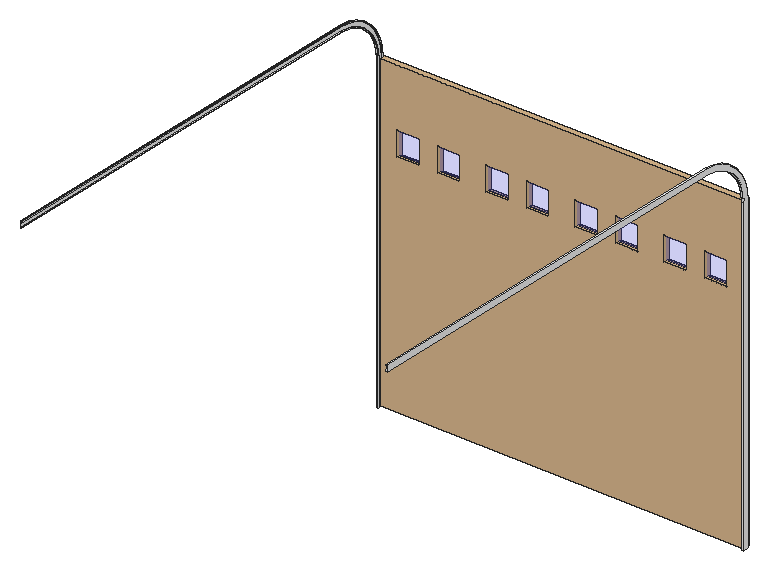
Revit family (continued)
Dimensions and locks (in)
  aligned and locked: curve 416 to Extrusion 1
  aligned and locked: curve 417 to Extrusion 1
  aligned and locked: curve 418 to curve 326
  aligned and locked: curve 419 to curve 330
  aligned and locked: curve 420 to curve 329
  aligned and locked: curve 421 to curve 331
  aligned and locked: curve 422 to curve 332
  aligned and locked: curve 423 to curve 328
  aligned and locked: curve 424 to curve 327
  aligned and locked: curve 425 to curve 333
  aligned and locked: curve 426 to curve 343
  aligned and locked: curve 427 to curve 349
  aligned and locked: curve 428 to curve 348
  aligned and locked: curve 429 to curve 344
  aligned and locked: curve 430 to curve 346
  aligned and locked: curve 431 to curve 342
  aligned and locked: curve 432 to curve 345
  aligned and locked: curve 433 to curve 347
  aligned and locked: curve 434 to curve 310
  aligned and locked: curve 435 to curve 313
  aligned and locked: curve 436 to curve 315
  aligned and locked: curve 437 to curve 314
  aligned and locked: curve 438 to curve 317
  aligned and locked: curve 439 to curve 316
  aligned and locked: curve 440 to curve 312
  aligned and locked: curve 441 to curve 311
  aligned and locked: curve 442 to curve 295
  aligned and locked: curve 443 to curve 296
  aligned and locked: curve 444 to curve 301
  aligned and locked: curve 445 to curve 300
  aligned and locked: curve 446 to curve 299
  aligned and locked: curve 447 to curve 298
  aligned and locked: curve 448 to curve 297
  aligned and locked: curve 449 to curve 294
  aligned and locked: curve 289 to Extrusion 1
  aligned and locked: plane 10 to plane 30
  aligned and locked: level to curve 289
  aligned and locked: Extrusion 1 to plane 33
  aligned and locked: curve 450 to curve 293
  aligned and locked: plane 32 to curve 450
  aligned and locked: plane 37 to curve 453
  aligned and locked: curve 291 to curve 453
  aligned and locked: plane 37 to curve 454
  aligned and locked: plane 32 to curve 457
  aligned and locked: curve 307 to curve 455
  aligned and locked: curve 457 to curve 309
  aligned and locked: plane 32 to curve 460
  aligned and locked: curve 458 to plane 37
  aligned and locked: curve 323 to curve 463
  aligned and locked: curve 462 to plane 37
  aligned and locked: curve 465 to curve 325
  aligned and locked: plane 32 to curve 464
  aligned and locked: curve 461 to curve 339
  aligned and locked: curve 341 to curve 459
  aligned and locked: curve 466 to plane 38
  aligned and locked: curve 470 to plane 38
  aligned and locked: plane 38 to curve 474
  aligned and locked: curve 478 to plane 38
  aligned and locked: curve 32 to curve 481
  aligned and locked: curve 479 to curve 30
  aligned and locked: curve 24 to curve 477
  aligned and locked: curve 475 to curve 22
  aligned and locked: curve 471 to curve 14
  aligned and locked: curve 16 to curve 473
  aligned and locked: curve 467 to curve 6
  aligned and locked: curve 8 to curve 469
  aligned and locked: plane 39 to curve 468
  aligned and locked: plane 39 to curve 472
  aligned and locked: curve 476 to plane 39
  aligned and locked: plane 39 to curve 480
  aligned and locked: curve 498 to curve 479
  aligned and locked: curve 499 to curve 480
  aligned and locked: curve 500 to curve 481
  aligned and locked: curve 501 to curve 478
  aligned and locked: curve 502 to curve 477
  aligned and locked: curve 503 to curve 474
  aligned and locked: curve 504 to curve 475
  aligned and locked: curve 505 to curve 476
  aligned and locked: curve 506 to curve 470
  aligned and locked: curve 507 to curve 471
  aligned and locked: curve 508 to curve 472
  aligned and locked: curve 509 to curve 473
  aligned and locked: curve 510 to curve 466
  aligned and locked: curve 511 to curve 467
  aligned and locked: curve 512 to curve 468
  aligned and locked: curve 513 to curve 469
  aligned and locked: curve 514 to curve 462
  aligned and locked: curve 515 to curve 465
  aligned and locked: curve 516 to curve 464
  aligned and locked: curve 517 to curve 463
  aligned and locked: curve 518 to curve 458
  aligned and locked: curve 519 to curve 461
  aligned and locked: curve 520 to curve 460
  aligned and locked: curve 521 to curve 459
  aligned and locked: curve 522 to curve 455
  aligned and locked: curve 523 to curve 454
  aligned and locked: curve 524 to curve 457
  aligned and locked: curve 525 to curve 456
  aligned and locked: curve 526 to curve 452
  aligned and locked: curve 527 to curve 451
  aligned and locked: curve 528 to curve 450
  aligned and locked: curve 529 to curve 453
  aligned and locked: curve 530 to curve 492
  aligned and locked: curve 531 to curve 491
  aligned and locked: curve 532 to curve 488
  aligned and locked: curve 533 to curve 487
  aligned and locked: curve 534 to curve 490
  aligned and locked: curve 535 to curve 489
  aligned and locked: curve 536 to curve 493
  aligned and locked: curve 537 to curve 486
  aligned and locked: curve 538 to curve 482
  aligned and locked: curve 539 to curve 494
  aligned and locked: curve 540 to curve 495
  aligned and locked: curve 541 to curve 483
  aligned and locked: curve 542 to curve 485
  aligned and locked: curve 543 to curve 496
  aligned and locked: curve 544 to curve 497
  aligned and locked: curve 545 to curve 484
  aligned and locked: plane 16 to nested 1
  aligned and locked: nested 1 to plane 2 "Center (Left/Right)"
Automatic sketch dimensions
  Extrusion 1 sketch curve to plane 3 "Left" = 0' - 3 1/2"
  plane 18 to Extrusion 1 sketch curve = 0' - 2 1/2"
  Extrusion 1 sketch curve to plane 18 = 0' - 2 1/2"
  plane 12 to Extrusion 1 sketch curve = 0' - 3 1/2"
  Extrusion 1 sketch curve to plane 12 = 0' - 3 1/2"
  Extrusion 1 sketch curve to plane 19 = 0' - 2 1/2"
  plane 19 to Extrusion 1 sketch curve = 0' - 2 1/2"
  Extrusion 1 sketch curve to plane 2 "Center (Left/Right)" = 0' - 3 1/2"
  plane 2 "Center (Left/Right)" to Extrusion 1 sketch curve = 0' - 3 1/2"
  plane 20 to Extrusion 1 sketch curve = 0' - 2 1/2"
  Extrusion 1 sketch curve to plane 20 = 0' - 2 1/2"
  plane 11 to Extrusion 1 sketch curve = 0' - 3 1/2"
  Extrusion 1 sketch curve to plane 11 = 0' - 3 1/2"
  Extrusion 1 sketch curve to plane 21 = 0' - 2 1/2"
  plane 21 to Extrusion 1 sketch curve = 0' - 2 1/2"
  plane 4 "Right" to Extrusion 1 sketch curve = 0' - 3 1/2"
  plane 9 to Extrusion 1 sketch curve = 0' - 2"  (x8)
  Extrusion 1 sketch curve to plane 23 = 0' - 2"  (x8)
  curve 121 to plane 10 = 0' - 0"
  curve 122 to plane 24 = 0' - 0"
  curve 293 to plane 23 = 0' - 0"
  curve 291 to plane 9 = 0' - 0"
  curve 25 to plane 3 "Left" = 0' - 1 1/2"
  curve 33 to plane 3 "Left" = 0' - 1 1/2"
  curve 121 to plane 3 "Left" = 0' - 1 1/2"
  curve 33 to curve 38 = 0' - 1 1/2"
  curve 65 to curve 69 = 0' - 1 1/2"
  curve 325 to curve 326 = 0' - 2"
  curve 324 to curve 329 = 0' - 2"
  plane 9 to curve 331 = 0' - 2"
  curve 331 to curve 324 = 0' - 2"
  curve 330 to plane 23 = 0' - 2"
  curve 330 to curve 330 = 0' - 2"
  plane 9 to curve 332 = 0' - 2"
  curve 332 to curve 332 = 0' - 2"
  curve 333 to plane 23 = 0' - 2"
  curve 322 to curve 333 = 0' - 2"
  curve 328 to curve 323 = 0' - 2"
  curve 327 to curve 322 = 0' - 2"
  curve 478 to curve 462 = 0' - 1 1/2"
  plane 12 to curve 37 = 0' - 3"
  plane 12 to curve 69 = 0' - 3"
  plane 12 to curve 128 = 0' - 1 1/2"
  plane 12 to curve 123 = 0' - 1 1/2"
  curve 20 to plane 12 = 0' - 1 1/2"
  curve 41 to plane 12 = 0' - 1 1/2"
  curve 74 to plane 12 = 0' - 1 1/2"
  curve 74 to curve 80 = 0' - 1 1/2"
  curve 458 to curve 477 = 0' - 1 1/2"
  curve 41 to curve 47 = 0' - 1 1/2"
  curve 338 to curve 343 = 0' - 2"
  curve 339 to curve 344 = 0' - 2"
  plane 9 to curve 348 = 0' - 2"
  curve 348 to curve 348 = 0' - 2"
  curve 349 to plane 23 = 0' - 2"
  curve 349 to curve 338 = 0' - 2"
  curve 348 to curve 347 = 0' - 1"
  curve 346 to curve 346 = 0' - 2"
  plane 9 to curve 347 = 0' - 2"
  curve 340 to curve 347 = 0' - 2"
  curve 342 to curve 341 = 0' - 2"
  curve 345 to curve 340 = 0' - 2"
  curve 23 to plane 2 "Center (Left/Right)" = 0' - 3"
  curve 45 to plane 2 "Center (Left/Right)" = 0' - 3"
  curve 77 to plane 2 "Center (Left/Right)" = 0' - 3"
  curve 117 to plane 2 "Center (Left/Right)" = 0' - 1 1/2"
  curve 42 to plane 2 "Center (Left/Right)" = 0' - 1 1/2"
  plane 2 "Center (Left/Right)" to curve 97 = 0' - 1 1/2"
  plane 2 "Center (Left/Right)" to curve 52 = 0' - 1 1/2"
  plane 2 "Center (Left/Right)" to curve 81 = 0' - 1 1/2"
  curve 81 to curve 85 = 0' - 1 1/2"
  curve 51 to curve 56 = 0' - 1 1/2"
  curve 308 to curve 313 = 0' - 2"
  curve 309 to curve 310 = 0' - 2"
  curve 314 to plane 23 = 0' - 2"
  curve 314 to curve 306 = 0' - 3"
  plane 9 to curve 315 = 0' - 2"
  curve 315 to curve 316 = 0' - 3"
  curve 319 to curve 306 = 0' - 1"
  plane 9 to curve 316 = 0' - 2"
  curve 317 to plane 23 = 0' - 2"
  curve 306 to curve 317 = 0' - 2"
  curve 311 to curve 306 = 0' - 2"
  curve 312 to curve 307 = 0' - 2"
  plane 11 to curve 53 = 0' - 3"
  plane 11 to curve 15 = 0' - 3"
  plane 11 to curve 116 = 0' - 3"
  plane 11 to curve 136 = 0' - 1 1/2"
  plane 11 to curve 84 = 0' - 1 1/2"
  curve 57 to plane 11 = 0' - 1 1/2"
  curve 90 to plane 11 = 0' - 1 1/2"
  curve 111 to plane 10 = 0' - 1 1/2"
  curve 90 to curve 111 = 0' - 1 1/2"
  curve 57 to curve 63 = 0' - 1 1/2"
  curve 291 to curve 296 = 0' - 2"
  curve 290 to curve 295 = 0' - 2"
  curve 300 to curve 300 = 0' - 2"
  curve 292 to curve 299 = 0' - 2"
  curve 298 to curve 298 = 0' - 2"
  plane 4 "Right" to curve 294 = 0' - 3 1/2"
  plane 4 "Right" to curve 297 = 0' - 3 1/2"
  plane 4 "Right" to curve 109 = 0' - 3"
  plane 4 "Right" to curve 7 = 0' - 3"
  plane 4 "Right" to curve 106 = 0' - 3"
  plane 4 "Right" to curve 89 = 0' - 1 1/2"
  plane 4 "Right" to curve 105 = 0' - 1 1/2"
  plane 24 to curve 80 = 0' - 1 1/2"
  plane 24 to curve 122 = 0' - 1 1/2"
  plane 24 to curve 85 = 0' - 1 1/2"
  plane 24 to curve 112 = 0' - 1 1/2"
  curve 86 to plane 10 = 0' - 1 1/2"
  curve 72 to plane 10 = 0' - 1 1/2"
  curve 80 to plane 10 = 0' - 1 1/2"
  plane 25 to curve 40 = 0' - 1 1/2"
  plane 25 to curve 62 = 0' - 1 1/2"
  plane 25 to curve 129 = 0' - 1 1/2"
  plane 25 to curve 56 = 0' - 1 1/2"
  curve 64 to plane 26 = 0' - 1 1/2"
  curve 126 to plane 26 = 0' - 1 1/2"
  curve 56 to plane 26 = 0' - 1 1/2"
  curve 130 to plane 26 = 0' - 1 1/2"
  plane 27 to curve 23 = 0' - 1 1/2"
  plane 27 to curve 144 = 0' - 1 1/2"
  plane 27 to curve 104 = 0' - 1 1/2"
  plane 27 to curve 98 = 0' - 1 1/2"
  curve 103 to plane 28 = 0' - 1 1/2"
  curve 22 to plane 28 = 0' - 1 1/2"
  curve 143 to plane 28 = 0' - 1 1/2"
  curve 13 to plane 28 = 0' - 1 1/2"
  plane 9 to curve 329 = 0' - 2"
  plane 9 to curve 312 = 0' - 2"
  plane 9 to curve 328 = 0' - 2"
  plane 9 to curve 296 = 0' - 2"
  plane 9 to curve 297 = 0' - 2"
  plane 9 to curve 344 = 0' - 2"
  plane 9 to curve 345 = 0' - 2"
  plane 9 to curve 313 = 0' - 2"
  curve 301 to plane 23 = 0' - 2"
  curve 343 to plane 23 = 0' - 2"
  curve 342 to plane 23 = 0' - 2"
  curve 295 to plane 23 = 0' - 2"
  curve 294 to plane 23 = 0' - 2"
  curve 310 to plane 23 = 0' - 2"
  curve 326 to plane 23 = 0' - 2"
  curve 327 to plane 23 = 0' - 2"
  curve 311 to plane 23 = 0' - 2"
Nested families (in)
  nested 1: "Door Track" at (-0.5, -64, 0), Width <- "Track Width", Height <- "Track Height", Depth <- "Track Depth", type "Door Track"
    with Width 8' - 2", Height 8' - 0", Depth 10' - 0"
Definition of nested family "Door Track"
  Parameters
    Width [instance] = 10' - 0"
    Track = Metal
    Height [instance] = 11' - 0"
    Depth [instance] = 8' - 0"
  Reference planes (in)
    plane 1 "Center (Front/Back)": y = 0
    plane 2: z = 0
    plane 3 "Center (Left/Right)": x = 0.5
    plane 4 "Back": y = 48
    plane 5 "Front": y = -48
    plane 6 "Left": x = -59.5
    plane 7 "Right": x = 60.5
    plane 8 "Top": z = 132
    plane 9 "Center (Up/Down)": z = 66
    plane 10: y = 48.75
    plane 11: y = 49.5
  Forms (in)
    Sweep 1, solid, material "Metal" <- "Track"
      path origin (60.5, 60, 48) x (0, 1, 0) y (0, 0, 1)
        loop
          line (-12, -48) -> (-12, 72)
          arc (-12, 72) -> (-15.51472, 80.48528) -> (-24, 84) r 12
          line (-24, 84) -> (-108, 84)
      profile origin (60.5, -6, 132) x (0, 0, -1) y (1, 0, 0)
        loop
          line (-1.5, 0) -> (-1.375, 0) -> (-1.375, 0.375) -> (-0.125, 0.375) -> (-0.125, 0) -> (0, 0) -> (0, 0.5) -> (-1.5, 0.5) -> (-1.5, 0)
    Sweep 2, solid, material "Metal" <- "Track"
      path origin (-59.5, 60, 48) x (0, 1, 0) y (0, 0, 1)
        loop
          line (-12, -48) -> (-12, 72)
          arc (-12, 72) -> (-15.51472, 80.48528) -> (-24, 84) r 12
          line (-24, 84) -> (-108, 84)
      profile origin (-59.5, -6, 132) x (0, 0, -1) y (1, 0, 0)
        loop
          line (-1.5, 0) -> (-1.5, -0.5) -> (0, -0.5) -> (0, 0) -> (-0.125, 0) -> (-0.125, -0.375) -> (-1.375, -0.375) -> (-1.375, 0) -> (-1.5, 0)
  Dimensions and locks (in)
    equal spacing: plane 6 "Left", plane 3 "Center (Left/Right)", plane 7 "Right"
    "Width": plane 6 "Left" to plane 7 "Right"
    equal spacing: plane 4 "Back", plane 1 "Center (Front/Back)", plane 5 "Front"
    "Depth": plane 4 "Back" to plane 5 "Front"
    "Height": plane 8 "Top" to plane 2
    equal spacing: plane 8 "Top", plane 9 "Center (Up/Down)", level
    locked: Sweep 2 sketch curve to Sweep 2 sketch curve at 0.125  (x3)
    locked: Sweep 2 sketch curve to Sweep 2 sketch curve at 0.5  (x2)
    locked: Sweep 2 sketch curve to Sweep 2 sketch curve at 1.5
    locked: Sweep 1 sketch curve to Sweep 1 sketch curve at 0.5  (x2)
    locked: Sweep 1 sketch curve to Sweep 1 sketch curve at 0.125  (x3)
    locked: Sweep 1 sketch curve to Sweep 1 sketch curve at 1.5
    equal spacing: plane 4 "Back", plane 10, plane 11
    locked: plane 10 to plane 11 at 0.75
    radius of Sweep 1 sketch curve = 1' - 0"
    radius of Sweep 2 sketch curve = 1' - 0"
    aligned and locked: plane 8 "Top" to Sweep 1 sketch curve  (x2)
    aligned and locked: plane 5 "Front" to Sweep 1 sketch curve
    aligned and locked: plane 4 "Back" to Sweep 1 sketch curve
    aligned and locked: plane 4 "Back" to Sweep 2 sketch curve
    aligned and locked: plane 5 "Front" to Sweep 2 sketch curve
    aligned and locked: level to Sweep 2 sketch curve
    aligned and locked: Sweep 2 sketch curve to profile plane  (x2)
    aligned and locked: Sweep 1 sketch curve to profile plane
    aligned and locked: plane 11 to Sweep 1
  Automatic sketch dimensions
    Sweep 1 sketch curve to level = 0' - 0"
    Sweep 2 sketch curve to plane 8 "Top" = 0' - 0"
Types (3): name | Track Width | Width
  (no name) | 8' - 2" | 8' - 0"
  7Ft H x 8Ft W | 8' - 2" | 8' - 0"
  7Ft H x 16Ft W | 16' - 2" | 16' - 0"
